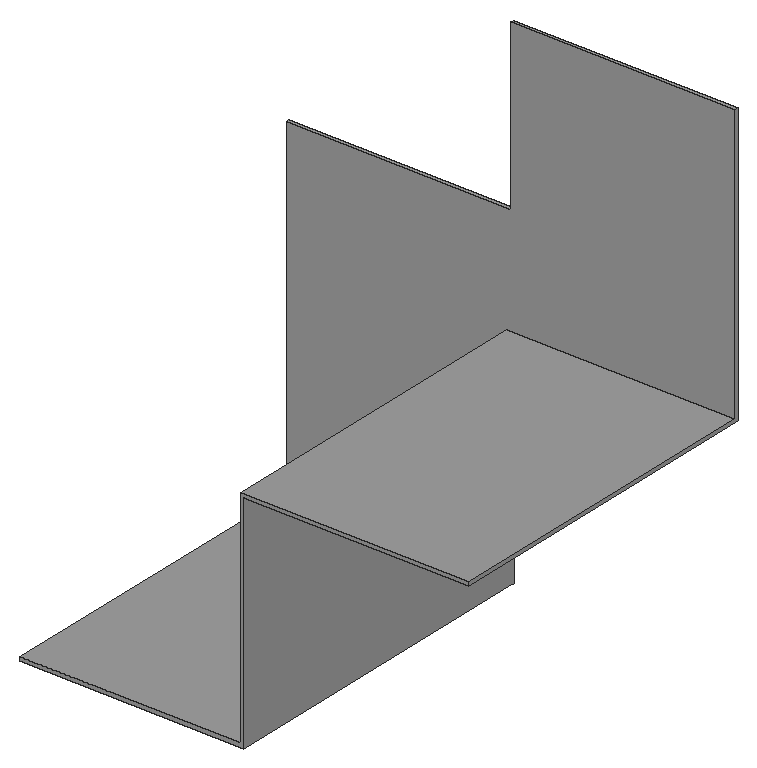
Revit family "Flashing_Preformed_Hyload_LevelChange", category Generic Models, Revit 2013
Parameters (values of type "4 inch")
  Upper Height = 0' - 5"
  Unit Width = 0' - 4"
  Unit Height = 0' - 4"
  Unit Depth = 0' - 6"
  URL = "http://www.hyload.com/"
  Thickness = 0' - 0 1/16"
  Specification = "http://www.arcat.com/sdspecs/htm04/07_65_00hyl.htm"
  Sales Information = "http://www.hyload.com/contact-us"
  Revision = "R1_12-2015"
  Product Properties = "http://www.hyload.com/masonry-flashing/preformed-shapes/"
  Product Data = "http://www.arcat.com/arcatcos/cos33/arc33176.html"
  Model = "4 in Level Change"
  Manufacturer Website = "http://www.hyload.com/"
  Manufacturer Phone - Toll Free = "800-457-4056"
  Manufacturer Phone = "330-769-3546"
  Manufacturer Fax = "330-769-4153"
  Manufacturer Address = "5020 Panther Pkwy., Seville, OH 44273"
  Manufacturer = "Hyload"
  Lower Height = 0' - 6"
  Keynote = "07 65 00"
  Flashing Material = Hyload Flashing Membrane - Grey
  Drawn By = "Robert S. Weygant / Sumex Design"
  Description = "Preformed Hyload Masonry Flashing - 4 in Level Change"
  Copyright = "(c) ARCAT, Inc, 2015"
  Construction Details = "http://www.arcat.com/details/hyload/hyload.html?coid=33176"
  Assembly Code = "B3010400"
Types (2): name | Upper Height | Unit Height | Model | Description
  3 inch | 0' - 6" | 0' - 3" | "3 in Level Change" | "Preformed Hyload Masonry Flashing - 3 in Level Change"
  4 inch | 0' - 5" | 0' - 4" | "4 in Level Change" | "Preformed Hyload Masonry Flashing - 4 in Level Change"
Reference planes (in)
  plane 1 "Center (Front/Back)": y = 0
  plane 2: z = 0
  plane 3 "Center (Left/Right)": x = 0
  plane 4: y = -6
  plane 5: x = 4
  plane 6: z = 4
  plane 7: x = -4
Forms (in)
  Extrusion 1, solid, material "Hyload Flashing Membrane - Grey" <- "Flashing Material"
    sketch origin (0, 0, 0) x (1, 0, 0) y (0, 0, 1)
      loop
        line (-4, 0) -> (0, 0) -> (0, 4) -> (4, 4) -> (4, 4.0625) -> (-0.0625, 4.0625) -> (-0.0625, 0.0625) -> (-4, 0.0625) -> (-4, 0)
    from 0 to 6
  Extrusion 2, solid, material "Hyload Flashing Membrane - Grey" <- "Flashing Material"
    sketch origin (0, 0, 0) x (1, 0, 0) y (0, 0, 1)
      loop
        line (4, 4) -> (4, 9) -> (0, 9) -> (0, 6) -> (-4, 6) -> (-4, 0) -> (0, 0) -> (0, 4) -> (4, 4)
    from 0 to 0.0625 <- "Thickness"
Cuts and joins
  joined: Extrusion 1, Extrusion 2
Dimensions and locks (in)
  "Unit Depth": plane 4 to plane 1 "Center (Front/Back)"
  "Unit Width": plane 3 "Center (Left/Right)" to plane 5
  "Unit Height": plane 6 to level
  "Thickness": Extrusion 1 sketch curve to plane 6
  "Thickness": Extrusion 1 sketch curve to level
  "Thickness": plane 3 "Center (Left/Right)" to Extrusion 1 sketch curve
  "Upper Height": Extrusion 2 sketch curve to plane 6
  "Lower Height": Extrusion 2 sketch curve to level
  "Unit Width": plane 7 to plane 3 "Center (Left/Right)"
  aligned and locked: plane 2 to level
  aligned and locked: Extrusion 1 sketch curve to level
  aligned and locked: Extrusion 1 sketch curve to plane 6
  aligned and locked: Extrusion 1 to plane 4
  aligned and locked: plane 5 to Extrusion 1 sketch curve
  aligned and locked: plane 3 "Center (Left/Right)" to Extrusion 1 sketch curve
  aligned and locked: plane 7 to Extrusion 1 sketch curve
  aligned and locked: plane 7 to Extrusion 2 sketch curve
  aligned and locked: plane 3 "Center (Left/Right)" to Extrusion 2 sketch curve  (x2)
  aligned and locked: Extrusion 2 sketch curve to plane 6
  aligned and locked: Extrusion 2 sketch curve to level
Automatic sketch dimensions
  Extrusion 2 sketch curve to plane 5 = 0' - 0"
